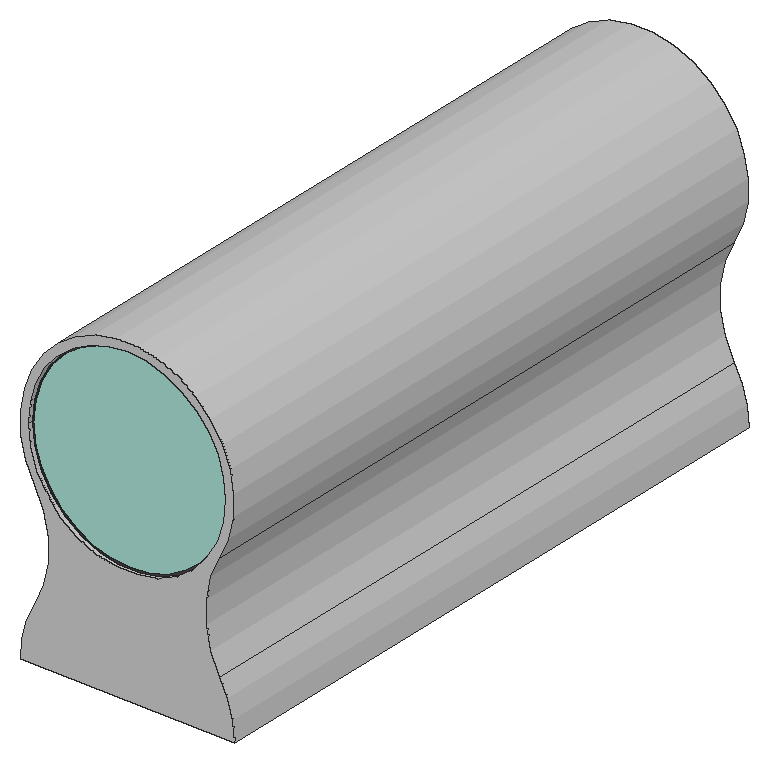
Revit family "Intono 4.2", category Lighting Fixtures, host Face, Revit 2017
Family settings
  Host = Face
  Round Connector Dimension = Use Diameter
  Part Type = Normal
  Cut with Voids When Loaded = Yes
  Light Source = Yes
  Shared = No
  Room Calculation Point = Yes
Parameters (values of type "Intono 4.2 LL 57° (3000K 38W 230Vac)")
  Wiring = "parallel"
  Width mm = 166 mm
  Weight kg = "4.80 kg"
  Wattage = 9.20952 W
  built-in parameter 1150110 = 1 (stored number, unit not read)
  Voltage = 230 V
  URL Accessories and power supply units = "https://www.lucelight.it/en/prodotto.php/122307#a-scheda-accessori"
  URL = "https://www.lucelight.it/en/prodotto.php/122307"
  built-in parameter 1114217 = 1 (stored number, unit not read)
  Tiltable = "-"
  URL Technical sheet = "https://www.lucelight.it/media/prodotti/st/ST_INTONO_41-42.pdf"
  URL Image = "https://www.lucelight.it/media/prodotti/foto/intono_4.2_still.jpg"
  URL IES Photometric file = "https://www.lucelight.it/media/prodotti/fotometrie/intono_4.2_ies.zip"
  URL General code = "https://www.lucelight.it/en/prodotto.php/122307#a-generacodice"
  URL Description = "https://www.lucelight.it/en/capitolato.php/122307"
  URL DXF = "https://www.lucelight.it/media/prodotti/dxf/intono_4.2.dxf"
  URL Catalogue = "https://www.lucelight.it/media/prodotti/mf_brochure/intono_brochure_en.pdf"
  Tilt Angle = 180.00°
  built-in parameter 1150109 = 1 (stored number, unit not read)
  built-in parameter 1150134 = (empty or 0)
  built-in parameter 1150113 = 1 (stored number, unit not read)
  Screen = L&L_Black-serigraphed
  Power supply unit = "built in"
  Power supply = "230Vac"
  Power cables = "-"
  Power = "38W"
  Photometric Web File = "INTONO 4.1 L 57° [3000K 19W 230Vac].IES"
  Optics = "57°+57°"
  Notes = "version compatible with Google Home or Amazon Echo available on request for voice command control; DALI version available on request"
  No. and type of led = "2 high power density COB LEDs, 2-step MacAdam, 50 000h L95 B10 (Ta 25°C)"
  Mounting = "surface mounted (wall)"
  Model = "Intono 4.2"
  Material = "body in die-cast aluminium, screen in black-serigraphed, tempered, transparent extra-clear glass"
  Manufacturer = "L&L Luce&Light"
  built-in parameter 1150105 = 108.86 (stored number, unit not read)
  Lumens = 1368 lm
  built-in parameter 1150115 = 1 (stored number, unit not read)
  Lumen output at source = "1646 lm (3000K, CRI 80) per beam, 1368 lm (3000K, CRI 90) per beam"
  Light Source = Intono 4.1_Light Source : L 57°
  built-in parameter 1150137 = (empty or 0)
  built-in parameter 1150139 = (empty or 0)
  Lens = L&L_Tempered extra-clear glass
  Length mm = 110 mm
  built-in parameter 1150112 = 1 (stored number, unit not read)
  built-in parameter 1150114 = 1 (stored number, unit not read)
  LED Colour = "3000K (also available: 2700K and 4000K - ref. URL Technical sheet)"
  built-in parameter 1150132 = 2
  built-in parameter 1150102 = (empty or 0)
  built-in parameter 1150107 = 3000 (stored number, unit not read)
  built-in parameter 1150138 = (empty or 0)
  built-in parameter 1150106 = 1.0886 (stored number, unit not read)
  IP = "IP65"
  Height mm = 330 mm
  Features = "-"
  Energy efficiency class = "A A+ A++"
  Emit from Line Length = 609.6 mm
  built-in parameter 1150104 = 13.8 (stored number, unit not read)
  Dimming Lamp Color Temperature Shift = <None>
  Description = "Wall mounted for outdoor applications"
  Delivered lumen output = "1386 lm (3000K, 12°, CRI 80) per beam, 1152 lm (3000K, 12°, CRI 90) per beam"
  Default Elevation = 1219.2 mm
  Cutout dimensions = "-"
  Control system = "ON/OFF, 1-10V"
  Contact = "T: +39 0444 360571; E: lucelight@lucelight.it"
  Company = "L&L Luce&Light"
  Color Filter = 16777215
  Code = "-"
  CRI = "90 (also available: CRI 80 - ref. URL Technical sheet)"
  Body = L&L_Die-cast aluminium
  built-in parameter 1114218 = 1 (stored number, unit not read)
  built-in parameter 1150133 = 10 (stored number, unit not read)
  Apparent Load Phase 1 = 38 W
  Apparent Load = 0 VA
Types (7, lengths in mm): name | Photometric Web File | Optics | Light Source
  Intono 4.2 LL 57° (3000K 38W 230Vac) | "INTONO 4.1 L 57° [3000K 19W 230Vac].IES" | "57°+57°" | Intono 4.1_Light Source : L 57°
  Intono 4.2 MM 23° (3000K 38W 230Vac) | "INTONO 4.1 M 23° [3000K 19W 230Vac].IES" | "23°+23°" | Intono 4.1_Light Source : M 23°
  Intono 4.2 SL 12°+57° (3000K 38W 230Vac) | "INTONO 4.1 S 12° [3000K 19W 230Vac].IES" | "12°+57°" | Intono 4.1_Light Source : L 57°
  Intono 4.2 SS 12° (3000K 38W 230Vac) | "INTONO 4.1 S 12° [3000K 19W 230Vac].IES" | "12°+12°" | Intono 4.1_Light Source : S 12°
  Intono 4.2 WA (3000K 38W 230Vac) | "INTONO 4.1 W [3000K 19W 230Vac].IES" | "wall grazing + asymmetrical" | Intono 4.1_Light Source : A
  Intono 4.2 WW (3000K 38W 230Vac) | "INTONO 4.1 W [3000K 19W 230Vac].IES" | "wall grazing + wall grazing" | Intono 4.1_Light Source : W
  Intono 4.2 ZL (3000K 38W 230Vac) | "INTONO 4.1 Z 28° [3000K 19W 230Vac].IES" | "asymmetrical 28°+ 57°" | Intono 4.1_Light Source : L 57°
Reference planes
  plane 1 "Center (Front/Back)": y = 0
  plane 2: z = 0
  plane 3 "Center (Left/Right)": x = 0
  plane 4: z = 30.8
Forms (mm)
  Extrusion 1, solid, material "L&L_Die-cast aluminium" <- "Body", detail levels coarse
    sketch origin (0, 165, 0.3) x (1, 0, 0) y (0, 0, 1)
      loop
        line (-55, 165.7) -> (-55, -0.3) -> (55, -0.3) -> (55, 165.7) -> (-55, 165.7)
    from 0 to 330
  Extrusion 2, solid, material "L&L_Die-cast aluminium" <- "Body", detail levels fine
    sketch origin (0, 165, 0.3) x (1, 0, 0) y (0, 0, 1)
      loop
        arc (-47.631, 83.2) -> (-40.263, 55.7) -> (-47.631, 28.2) r 55
        arc (-47.631, 28.2) -> (-53.126, 14.935) -> (-55, 0.7) r 55
        line (-55, 0.7) -> (55, 0.7)
        arc (55, 0.7) -> (53.126, 14.935) -> (47.631, 28.2) r 55
        arc (47.631, 28.2) -> (40.263, 55.7) -> (47.631, 83.2) r 55
        arc (47.631, 83.2) -> (0, 165.7) -> (-47.631, 83.2) r 55
    from 0 to 330
  Extrusion 3, void
    sketch origin (0, 0, 24.8) x (1, 0, 0) y (0, 0, 1)
      loop
        circle (0, 86.2) r 50.75
    from -172.705 to 171.796
  Extrusion 4, solid, material "L&L_Die-cast aluminium" <- "Body", detail levels medium
    sketch origin (0, 165, 0.3) x (1, 0, 0) y (0, 0, 1)
      loop
        arc (-47.631, 83.2) -> (-40.263, 55.7) -> (-47.631, 28.2) r 55
        arc (-47.631, 28.2) -> (-53.126, 14.935) -> (-55, 0.7) r 55
        line (-55, 0.7) -> (55, 0.7)
        arc (55, 0.7) -> (53.126, 14.935) -> (47.631, 28.2) r 55
        arc (47.631, 28.2) -> (40.263, 55.7) -> (47.631, 83.2) r 55
        arc (47.631, 83.2) -> (0, 165.7) -> (-47.631, 83.2) r 55
    from 0 to 330
  Extrusion 5, solid, detail levels medium+fine
    sketch origin (0, 0, 0) x (1, 0, 0) y (0, 1, 0)
      loop
        arc (51.5, 68.5) -> (0, 120) -> (-51.5, 68.5) r 51.5
        line (-51.5, 68.5) -> (-51.5, -68.5)
        arc (-51.5, -68.5) -> (0, -120) -> (51.5, -68.5) r 51.5
        line (51.5, -68.5) -> (51.5, 68.5)
    from 0 to 1
  Extrusion 6, solid, material "L&L_Tempered extra-clear glass" <- "Lens", detail levels fine
    sketch origin (0, 0, 24.5) x (1, 0, 0) y (0, 0, 1)
      loop
        circle (0, 86.5) r 50
    from -163.4 to -162.433
  Extrusion 7, solid, material "L&L_Black-serigraphed" <- "Screen", detail levels fine
    sketch origin (0, 0, 24.5) x (1, 0, 0) y (0, 0, 1)
      loop
        circle (0, 86.5) r 50.75
      loop
        circle (0, 86.5) r 50
    from -163.4 to -162.433
  Extrusion 8, solid, material "L&L_Black-serigraphed" <- "Screen", detail levels fine
    sketch origin (0, -325.397, 24.5) x (1, 0, 0) y (0, 0, 1)
      loop
        circle (0, 86.5) r 50.75
      loop
        circle (0, 86.5) r 50
    from -163.4 to -162.433
  Extrusion 9, solid, material "L&L_Tempered extra-clear glass" <- "Lens", detail levels fine
    sketch origin (0, -325.397, 24.5) x (1, 0, 0) y (0, 0, 1)
      loop
        circle (0, 86.5) r 50
    from -163.4 to -162.433
Cuts and joins
  Extrusion 3 cuts Extrusion 2
Dimensions and locks
  cut or joined group of Extrusion 2, Extrusion 3 to cut or joined group of Extrusion 2, Extrusion 3 = 336.796 mm
  aligned and locked: plane 2 to host face
  aligned and locked: level to host face
Nested families
  nested 1: "Intono 4.1_Light Source" at (0.086, -165.098, 112.383) x (1, 0, 0) z (0, -1, 0), type <- "Light Source", type "L 57°"
Connectors
  electrical at (0, 0, 0), driven by "Apparent Load Phase 1", driven by "Voltage"
    settings: index 1, voltage 230 V, apparent load 0 VA, apparent load phase1 38 VA, apparent load phase2 0 VA, apparent load phase3 0 VA, power factor 1, load classification "Lighting", number of poles 1, system type 31, power factor state 1, is connector primary yes, connector utility no, sub classification motor no, connector description ""
Definition of nested family "Intono 4.1_Light Source"
  Parameters (values of type "A")
    Wattage = 9.20952 W
    built-in parameter 1150110 = 1 (stored number, unit not read)
    built-in parameter 1114217 = 1 (stored number, unit not read)
    Tilt Angle = 90.00°
    built-in parameter 1150109 = 1 (stored number, unit not read)
    built-in parameter 1150134 = (empty or 0)
    built-in parameter 1150113 = 1 (stored number, unit not read)
    Photometric Web File = "INTONO 4.1 A [3000K 19W 230Vac].IES"
    Lumens = 1368 lm
    built-in parameter 1150115 = 1 (stored number, unit not read)
    built-in parameter 1150105 = 14099.7 (stored number, unit not read)
    built-in parameter 1150137 = (empty or 0)
    built-in parameter 1150139 = (empty or 0)
    built-in parameter 1150112 = 1 (stored number, unit not read)
    built-in parameter 1150114 = 1 (stored number, unit not read)
    built-in parameter 1150132 = 2
    built-in parameter 1150102 = (empty or 0)
    built-in parameter 1150138 = (empty or 0)
    built-in parameter 1150107 = 3000 (stored number, unit not read)
    built-in parameter 1150106 = 141 (stored number, unit not read)
    built-in parameter 1150104 = 13.8 (stored number, unit not read)
    Dimming Lamp Color Temperature Shift = (empty or 0)
    Default Elevation = 1219.2 mm
    Color Filter = 16777215
    built-in parameter 1114218 = 1 (stored number, unit not read)
    built-in parameter 1150133 = 10 (stored number, unit not read)
  Types (6, lengths in mm): name | Photometric Web File
    S 12° | "INTONO 4.1 S 12° [3000K 19W 230Vac].IES"
    M 23° | "INTONO 4.1 M 23° [3000K 19W 230Vac].IES"
    L 57° | "INTONO 4.1 L 57° [3000K 19W 230Vac].IES"
    W | "INTONO 4.1 W [3000K 19W 230Vac].IES"
    A | "INTONO 4.1 A [3000K 19W 230Vac].IES"
    Z 28° | "INTONO 4.1 Z 28° [3000K 19W 230Vac].IES"
  Reference planes
    plane 1 "Light Source Axis (F/B)": y = 0
    plane 2: z = 0
    plane 3 "Light Source Axis (L/R)": x = 0
    plane 4 "Light Source Elevation": z = 0
  Dimensions and locks
    aligned and locked: level to plane 2
